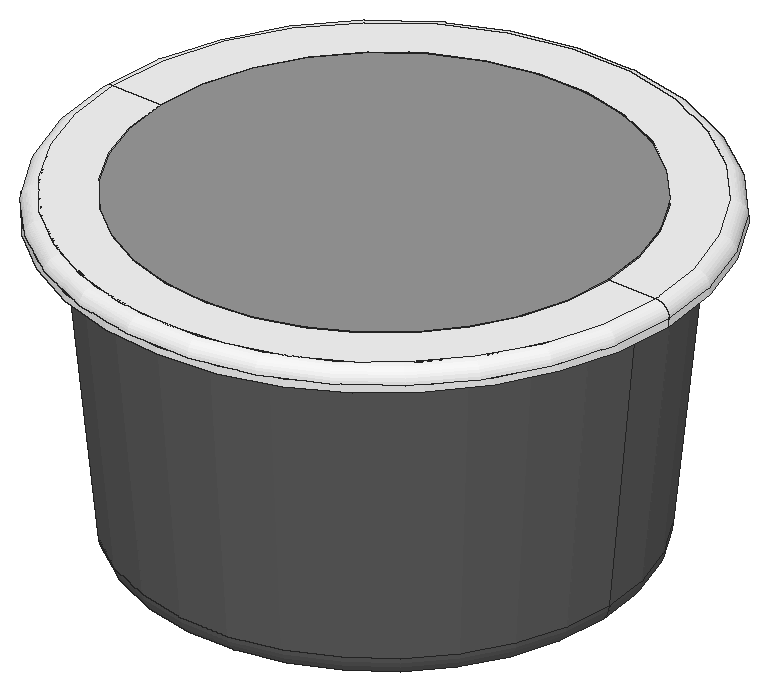
Revit family "3098116 Lighting Fixture_Sylvania_Insaver LED II 150 High_Ceiling Recessed", category Lighting Fixtures, host Face, Revit 2017
Family settings
  Host = Face
  Round Connector Dimension = Use Diameter
  Part Type = Normal
  OmniClass Number = 23.80.70.11.17
  OmniClass Title = Specialized Lighting by Location or Use
  Cut with Voids When Loaded = No
  Light Source = Yes
  Shared = No
  Room Calculation Point = No
Parameters (values of type "Insaver LED II 150 High Output WW 1-10")
  Ta Rating = "0°C to 55°C"  # constant formula
  Reflector Radius = Body Radius - 2.0 mm  # 73.0 mm
  Reflector Material = Metal_Sylvania_Insaver LED II_Polished
  Radius = Diameter / 2  # 84.5 mm
  LOR = "100%"  # constant formula
  IP Rating = "IP23 (44 with accessory)"  # constant formula
  Height = 87.0 mm
  Glare Control = "UGR <19 (using accessory)"  # constant formula
  Energy Class = "A++,A+,A"  # constant formula
  Weight = 0 kg
  Wattage = 21.5258 W
  built-in parameter 1150110 = 1 (stored number, unit not read)
  Voltage Comments = "UNV (Universal Voltage; 220-240 Volt)"  # constant formula
  Voltage = 230 V  # constant formula
  URL = "http://www.sylvania-lighting.com"
  built-in parameter 1114217 = 1 (stored number, unit not read)
  Tilt Angle = -90°
  built-in parameter 1150109 = 1 (stored number, unit not read)
  built-in parameter 1150134 = (empty or 0)
  built-in parameter 1150113 = 1 (stored number, unit not read)
  Product Page URL = "http://www.sylvania-lighting.com/product/en-int/products/3098116"
  Product Family = "INSAVER LED II 150"  # constant formula
  Photometry Comments = ""
  Photometric Web File = "3098116_InsaverLEDII150HighOutputWW1-10-200595.ies"
  Life = "50 000 h"  # constant formula
  Emit from Circle Diameter = Diffuser Diameter  # 133.0 mm
  Emit Shape Visible in Rendering = no
  Drive Current = "900mA"  # constant formula
  Distribution type = "Direct - symmetrical"  # constant formula
  Diffuser Material = Glass_Sylvania_Insaver LED II_3000K
  Diffuser Diameter = Diameter - 36.0 mm  # 133.0 mm
  Diameter = 169.0 mm
  Cutout Diameter = Diameter - 19.0 mm  # 150.0 mm
  Colour consistency (SDCM) = "3 step"  # constant formula
  built-in parameter 1114216 [instance] = 1 (stored number, unit not read)
  Model = "Insaver LED II 150 High Output WW 1-10"
  Manufacturer = "Feilo Sylvania"
  built-in parameter 1150105 = 166.16 (stored number, unit not read)
  Lumens = 2088 lm
  built-in parameter 1150115 = 1 (stored number, unit not read)
  built-in parameter 1150137 = (empty or 0)
  built-in parameter 1150139 = (empty or 0)
  built-in parameter 1150112 = 1 (stored number, unit not read)
  built-in parameter 1150114 = 1 (stored number, unit not read)
  Lamp Comments = "Integrated LED"  # constant formula
  Lamp = ""
  built-in parameter 1150132 = 2
  built-in parameter 1150102 = (empty or 0)
  built-in parameter 1150107 = 3000 (stored number, unit not read)
  built-in parameter 1150138 = (empty or 0)
  built-in parameter 1150106 = 1.6616 (stored number, unit not read)
  CRI ( Ra ) = 80  # constant formula
  Body Material = Plastic_Sylvania_Insaver LED II_Black
  built-in parameter 1150104 = 9.0116 (stored number, unit not read)
  Dimming Lamp Color Temperature Shift = <None>
  Description = "Circular LED downlight with up to 114lm/W efficacy and 2,400 luminaire lumen output. Innovative easy installation system allows for a rapid, single point installation. For 150mm cut outs. IP44 or UGR<19 compliant with additional accessories. 3 hour emergency and surface mounted versions available. Plus3 version includes Wieland GST connector."  # constant formula
  Default Elevation = 0.0 mm
  Color Filter = 16777215
  Catalog Number = "3098116 Insaver LED II 150 High Output WW 1-10"
  built-in parameter 1140040 [instance] = 1
  Body Radius = Cutout Diameter / 2  # 75.0 mm
  Beam Angle = 76°  # constant formula
  built-in parameter 1114218 = 1 (stored number, unit not read)
  built-in parameter 1150133 = 10 (stored number, unit not read)
  Assembly Code = "D5020200"
  Apparent Load Comments = ""
  Apparent Load = 22 VA
  Accessory Material = Plastic_Sylvania_Insaver LED II_White
Reference planes
  plane 1 "Center (Front/Back)": y = 0
  plane 2: z = 0
  plane 3 "Center (Left/Right)": x = 0
  plane 4 "Fixture Top": z = -87
  plane 5 "Fixture Bottom": z = 6
  plane 6 "Reflector Top": z = -60
Forms (mm)
  Extrusion 1, void
    sketch origin (0, 0, 0) x (1, 0, 0) y (0, 1, 0)
      loop
        circle (0, 0) r 75
    from -87 to 0
  Revolve 2, solid, material "Plastic_Sylvania_Insaver LED II_White" <- "Accessory Material", detail levels fine
    sketch origin (0, 0, 0) x (1, 0, 0) y (0, 0, 1)
      loop
        line (-84.5, 0) -> (-66.5, 0) -> (-66.5, 6) -> (-80.5, 6)
        arc (-80.5, 6) -> (-83.328, 4.828) -> (-84.5, 2) r 4
        line (-84.5, 2) -> (-84.5, 0)
      axis (0, 6) -> (0, 0)
    angle from 0 to 360
  Revolve 3, solid, material "Plastic_Sylvania_Insaver LED II_Black" <- "Body Material", detail levels fine
    sketch origin (0, 0, 0) x (1, 0, 0) y (0, 0, 1)
      loop
        line (0, -87) -> (0, -85) -> (-59.475, -85)
        arc (-59.475, -85) -> (-62.901, -83.847) -> (-64.933, -80.857) r 5.666
        arc (-64.933, -80.857) -> (-70.978, -41.634) -> (-73, -2) r 389.454
        line (-73, -2) -> (-73, 0) -> (-75, 0) -> (-75, -2)
        arc (-75, -2) -> (-73.011, -41.414) -> (-67.063, -80.428) r 391.454
        arc (-67.063, -80.428) -> (-64.495, -85.129) -> (-59.475, -87) r 7.666
        line (-59.475, -87) -> (0, -87)
      axis (0, 0) -> (0, -87)
    angle from 0 to 360
  Extrusion 4, solid, material "Glass_Sylvania_Insaver LED II_3000K" <- "Diffuser Material", detail levels fine
    sketch origin (0, 0, 0) x (1, 0, 0) y (0, 1, 0)
      loop
        circle (0, 0) r 66.5
    from 0 to 6
  Revolve 5, solid, material "Metal_Sylvania_Insaver LED II_Polished" <- "Reflector Material", detail levels fine
    sketch origin (0, 0, 0) x (1, 0, 0) y (0, 0, 1)
      loop
        line (-73, 0) -> (-73, -2)
        arc (-73, -2) -> (-46.618, -43.735) -> (0, -60) r 74.94
        line (0, -60) -> (0, -58)
        arc (0, -58) -> (-45.285, -42.24) -> (-71, -1.769) r 72.94
        line (-71, -1.769) -> (-71, 0) -> (-73, 0)
      axis (0, 0) -> (0, -60)
    angle from 0 to 360
  Revolve 6, solid, material "Plastic_Sylvania_Insaver LED II_White" <- "Accessory Material", detail levels coarse+medium
    sketch origin (0, 0, 0) x (1, 0, 0) y (0, 0, 1)
      loop
        line (0, -87) -> (0, 6) -> (-84.5, 6) -> (-84.5, 0) -> (-75, 0) -> (-75, -2)
        arc (-75, -2) -> (-73.011, -41.414) -> (-67.063, -80.428) r 391.454
        arc (-67.063, -80.428) -> (-64.495, -85.129) -> (-59.475, -87) r 7.666
        line (-59.475, -87) -> (0, -87)
      axis (0, 6) -> (0, -87)
    angle from 0 to 360
Lines and regions (mm)
  Masking region 1
    outline origin (0, 0, 0) x (1, 0, 0) y (0, 1, 0)
      loop
        circle (0, 0) r 84.5
  symbolic lines, detail levels fine
    curve 1: arc (66.5, 0, 0) -> (0, 66.5, 0) -> (-66.5, 0, 0) r 66.5
    curve 2: arc (-66.5, 0, 0) -> (0, -66.5, 0) -> (66.5, 0, 0) r 66.5
Dimensions and locks
  "Height": plane 2 to plane 4 "Fixture Top"
  plane 5 "Fixture Bottom" to plane 2 = 6.0 mm
  "Radius": plane 3 "Center (Left/Right)" to Revolve 2 sketch curve
  locked: Revolve 2 sketch curve to plane 2 at 2
  Revolve 2 sketch curve to Revolve 2 sketch curve = 18.0 mm
  "Body Radius": plane 3 "Center (Left/Right)" to Revolve 3 sketch curve
  locked: Revolve 3 sketch curve to Revolve 3 sketch curve at 2
  locked: Revolve 3 sketch curve to plane 4 "Fixture Top" at 2
  "Reflector Radius": Revolve 5 sketch curve to plane 3 "Center (Left/Right)"
  locked: Revolve 5 sketch curve to Revolve 5 sketch curve at 2
  "Radius": Revolve 6 sketch curve to imposter light
  locked: Revolve 6 sketch curve to Revolve 6 sketch curve at 9.5
  "Cutout Diameter": diameter of Extrusion 1 sketch curve
  "Diffuser Diameter": diameter of Extrusion 4 sketch curve
  aligned and locked: plane 2 to host face
  aligned and locked: level to host face
  aligned and locked: Extrusion 1 to plane 4 "Fixture Top"
  aligned and locked: plane 2 to Extrusion 1
  aligned and locked: Revolve 2 sketch curve to plane 2
  aligned and locked: Revolve 2 sketch curve to plane 5 "Fixture Bottom"
  aligned and locked: Revolve 2 sketch curve to plane 3 "Center (Left/Right)"
  aligned and locked: Revolve 3 sketch curve to plane 3 "Center (Left/Right)"  (x2)
  aligned and locked: Extrusion 4 to plane 2
  aligned and locked: plane 5 "Fixture Bottom" to Extrusion 4
  aligned and locked: plane 4 "Fixture Top" to Revolve 3 sketch curve
  aligned and locked: Revolve 3 sketch curve to plane 2
  aligned and locked: Revolve 5 sketch curve to host face
  aligned and locked: Revolve 5 sketch curve to plane 3 "Center (Left/Right)"
  aligned and locked: plane 6 "Reflector Top" to Revolve 5 sketch curve
  aligned and locked: plane 3 "Center (Left/Right)" to Revolve 5 sketch curve
  aligned and locked: imposter light to plane 3 "Center (Left/Right)"
  aligned and locked: imposter light to plane 1 "Center (Front/Back)"
  aligned and locked: imposter light to plane 5 "Fixture Bottom"
  aligned and locked: Revolve 6 sketch curve to plane 3 "Center (Left/Right)"  (x2)
  aligned and locked: plane 4 "Fixture Top" to Revolve 6 sketch curve
  aligned and locked: Revolve 6 sketch curve to imposter light
  aligned and locked: Masking region 1 sketch curve to Revolve 6  (x2)
  aligned and locked: curve 1 to Extrusion 4
  aligned and locked: curve 2 to Extrusion 4
Automatic sketch dimensions
  host sketch curve to host sketch curve = 1040.406 mm
  host sketch curve to host sketch curve = 988.385 mm
  plane 1 "Center (Front/Back)" to Extrusion 1 sketch curve = 0.0 mm
  Extrusion 1 sketch curve to plane 3 "Center (Left/Right)" = 0.0 mm
  Revolve 2 sketch curve to level = 23.903 mm
  plane 5 "Fixture Bottom" to Revolve 2 sketch curve = 38.423 mm
  Revolve 3 sketch curve to Revolve 3 sketch curve = 0.0 mm  (x4)
  Revolve 3 sketch curve to plane 3 "Center (Left/Right)" = 59.475 mm
  Revolve 3 sketch curve to level = 2.0 mm
  plane 3 "Center (Left/Right)" to Revolve 3 sketch curve = 316.454 mm
  Revolve 3 sketch curve to Revolve 3 sketch curve = 5.666 mm
  Revolve 3 sketch curve to level = 21.34 mm
  plane 5 "Fixture Bottom" to Revolve 3 sketch curve = 47.66 mm
  plane 1 "Center (Front/Back)" to Extrusion 4 sketch curve = 0.0 mm
  Extrusion 4 sketch curve to plane 3 "Center (Left/Right)" = 0.0 mm
  Revolve 5 sketch curve to Revolve 5 sketch curve = 0.0 mm
  Revolve 5 sketch curve to Revolve 5 sketch curve = 2.0 mm
  Revolve 5 sketch curve to level = 2.0 mm
  Revolve 5 sketch curve to plane 4 "Fixture Top" = 30.934 mm
  Revolve 5 sketch curve to Revolve 5 sketch curve = 27.127 mm
  Revolve 6 sketch curve to level = 0.0 mm
  plane 4 "Fixture Top" to Revolve 6 sketch curve = 7.666 mm
  Revolve 6 sketch curve to plane 3 "Center (Left/Right)" = 59.475 mm
  Revolve 6 sketch curve to level = 2.0 mm
  plane 3 "Center (Left/Right)" to Revolve 6 sketch curve = 316.454 mm
  Revolve 6 sketch curve to level = 21.34 mm
  Revolve 6 sketch curve to Revolve 6 sketch curve = 47.66 mm
Connectors
  electrical at (0, 0, -87), driven by "Voltage", driven by "Apparent Load"
    settings: index 1, voltage 230 V, apparent load 0 VA, apparent load phase1 22 VA, apparent load phase2 0 VA, apparent load phase3 0 VA, power factor 1, load classification "Lighting", number of poles 1, system type 31, power factor state 1, is connector primary yes, connector utility no, sub classification motor no, connector description ""
